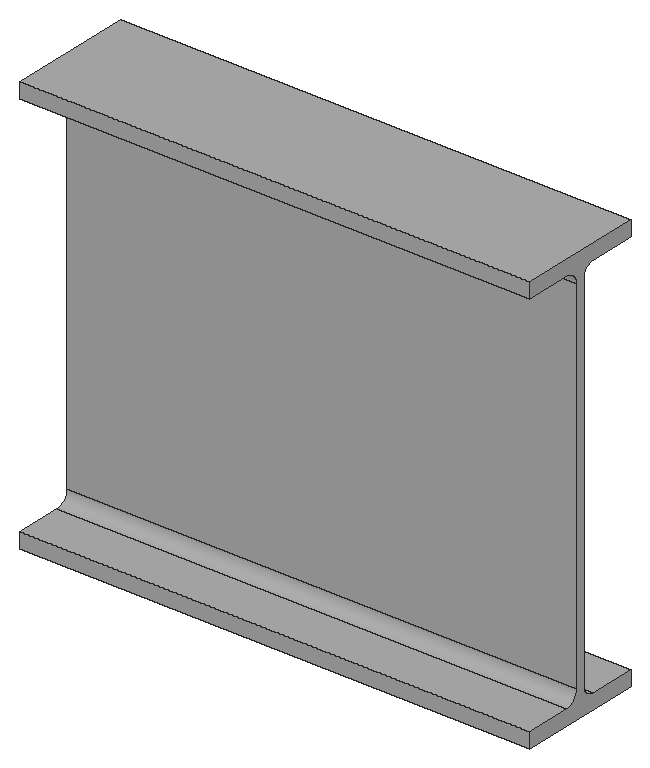
Revit family "Steel Framing Wide Flange", category Structural Framing, Revit 2015
Parameters (values of type "HE1000B")
  W = 3.0793
  Structural Material [instance] = Steel
  Assembly Code = ""
  Angle [instance] = 0.00°
  Length [instance] = 1500 mm
  bf = 300 mm
  d = 1000 mm
  k = 66 mm
  kr = k - tf  # 30 mm
  tf = 36 mm
  tw = 19 mm
  A = 0.04 m²
Types (2, lengths in mm): name | W | Structural Material | d | k | tf | tw | A
  HE1000B | 3.0793 | Steel | 1000 | 66 | 36 | 19 | 0.04 m²
  HE1000A | 2.6701 | none | 990 | 61 | 31 | 16.5 | 0.03468 m²
Reference planes
  plane 1 "Center (Front/Back)": y = 0
  plane 2: z = 0
  plane 3 "Center (Left/Right)": x = 4.61
  plane 4 "Member Left": x = -604.99
  plane 5 "Member Right": x = 614.21
  plane 6: y = 150
  plane 7: y = -150
  plane 8 "Top": z = 500
  plane 9: z = -500
  plane 10 "Right": x = 766.61
  plane 11 "Left": x = -733.39
Forms (mm)
  Sweep 1, solid, material "Steel" <- "Structural Material", detail levels fine
    path origin (0, 0, 0) x (1, 0, 0) y (0, 1, 0)
      loop
        line (614.21, 0) -> (-604.99, 0)
    profile "M_HP-Bearing Pile-Profile-Fine : M_HP-Bearing Pile-Profile-Fine" origin (4.61, 0, 0) x (0, -1, 0) y (0, 0, 1)
      loop
        line (-150, -500) -> (150, -500) -> (150, -464) -> (39.5, -464)
        arc (39.5, -464) -> (18.287, -455.213) -> (9.5, -434) r 30
        line (9.5, -434) -> (9.5, 434)
        arc (9.5, 434) -> (18.287, 455.213) -> (39.5, 464) r 30
        line (39.5, 464) -> (150, 464) -> (150, 500) -> (-150, 500) -> (-150, 464) -> (-39.5, 464)
        arc (-39.5, 464) -> (-18.287, 455.213) -> (-9.5, 434) r 30
        line (-9.5, 434) -> (-9.5, -434)
        arc (-9.5, -434) -> (-18.287, -455.213) -> (-39.5, -464) r 30
        line (-39.5, -464) -> (-150, -464) -> (-150, -500)
  Sweep 2, solid, material "Steel" <- "Structural Material", detail levels medium
    path origin (0, 0, 0) x (1, 0, 0) y (0, 1, 0)
      loop
        line (614.21, 0) -> (-604.99, 0)
    profile "M_HP-Bearing Pile-Profile-Medium : M_HP-Bearing Pile-Profile-Medium" origin (4.61, 0, 0) x (0, -1, 0) y (0, 0, 1)
      loop
        line (-150, -500) -> (150, -500) -> (150, -464) -> (9.5, -464) -> (9.5, 464) -> (150, 464) -> (150, 500) -> (-150, 500) -> (-150, 464) -> (-9.5, 464) -> (-9.5, -464) -> (-150, -464) -> (-150, -500)
Lines and regions (mm)
  symbolic lines, style "Hidden Faces", detail levels medium+fine
    curve 1: line (614.21, -6.5, 0) -> (-604.99, -6.5, 0)
    curve 2: line (614.21, 6.5, 0) -> (-604.99, 6.5, 0)
  reference lines
    curve 3: line (4.61, 0, 0) -> (4.61, 0, 15)
  symbolic lines, style "Stick Symbols", detail levels coarse
    curve 4: line (4.61, 150, 500) -> (4.61, -150, 500)
    curve 5: line (4.61, -150, -500) -> (4.61, 150, -500)
    curve 6: line (4.61, 0, -500) -> (4.61, 0, 500)
Dimensions and locks
  "bf": plane 6 to plane 7
  "d": plane 9 to plane 8 "Top"
  equal spacing: plane 9, plane 2, plane 8 "Top"
  equal spacing: plane 6, plane 1 "Center (Front/Back)", plane 7
  "Length": plane 11 "Left" to plane 10 "Right"
  "Angle": angle plane 1 "Center (Front/Back)" to curve 3
  aligned and locked: Sweep 1 sketch curve to plane 1 "Center (Front/Back)"
  aligned and locked: Sweep 2 sketch curve to plane 1 "Center (Front/Back)"
  aligned and locked: Sweep 2 to curve 4  (x2)
  aligned and locked: Sweep 2 to curve 5  (x2)
  aligned and locked: curve 6 to curve 3
  aligned and locked: curve 4 to Sweep 2
  aligned and locked: curve 5 to Sweep 2
  aligned and locked: plane 1 "Center (Front/Back)" to curve 3
  aligned and locked: plane 4 "Member Left" to Sweep 1 sketch curve
  aligned and locked: plane 5 "Member Right" to Sweep 1 sketch curve
  aligned and locked: plane 4 "Member Left" to Sweep 2 sketch curve
  aligned and locked: plane 5 "Member Right" to Sweep 2 sketch curve
  aligned and locked: plane 4 "Member Left" to curve 1
  aligned and locked: plane 5 "Member Right" to curve 1
  aligned and locked: plane 4 "Member Left" to curve 2
  aligned and locked: plane 5 "Member Right" to curve 2
Automatic sketch dimensions
  plane 1 "Center (Front/Back)" to curve 1 = 6.5 mm
  curve 2 to plane 1 "Center (Front/Back)" = 6.5 mm
  curve 3 to level = 0 mm
Types in the file's own list only (70): name | W | bf | d | k | kr | tf | tw | A
  HE100A | 0.16348 | 100 mm | 96 mm | 20 mm | 12 mm | 8 mm | 5 mm | 0.00 m²
  HE120A | 0.195043 | 120 mm | 114 mm | 20 mm | 12 mm | 8 mm | 5 mm | 0.00 m²
  HE140A | 0.241848 | 140 mm | 133 mm | 21 mm | 12 mm | 9 mm | 6 mm | 0.00 m²
  HE160A | 0.298471 | 160 mm | 152 mm | 24 mm | 15 mm | 9 mm | 6 mm | 0.00 m²
  HE180A | 0.348356 | 180 mm | 171 mm | 25 mm | 15 mm | 10 mm | 6 mm | 0.00 m²
  HE200A | 0.414405 | 200 mm | 190 mm | 28 mm | 18 mm | 10 mm | 7 mm | 0.01 m²
  HE220A | 0.495313 | 220 mm | 210 mm | 29 mm | 18 mm | 11 mm | 7 mm | 0.01 m²
  HE240A | 0.591497 | 240 mm | 230 mm | 33 mm | 21 mm | 12 mm | 8 mm | 0.01 m²
  HE260A | 0.668356 | 260 mm | 250 mm | 37 mm | 24 mm | 13 mm | 8 mm | 0.01 m²
  HE280A | 0.748763 | 280 mm | 270 mm | 37 mm | 24 mm | 13 mm | 8 mm | 0.01 m²
  HE300A | 0.866264 | 300 mm | 290 mm | 41 mm | 27 mm | 14 mm | 9 mm | 0.01 m²
  HE320A | 0.95741 | 300 mm | 310 mm | 43 mm | 27 mm | 16 mm | 9 mm | 0.01 m²
  HE340A | 1.027502 | 300 mm | 330 mm | 44 mm | 27 mm | 17 mm | 10 mm | 0.01 m²
  HE360A | 1.098982 | 300 mm | 350 mm | 45 mm | 27 mm | 18 mm | 10 mm | 0.01 m²
  HE400A | 1.22385 | 300 mm | 390 mm | 46 mm | 27 mm | 19 mm | 11 mm | 0.02 m²
  HE450A | 1.370499 | 300 mm | 440 mm | 48 mm | 27 mm | 21 mm | 12 mm | 0.02 m²
  HE500A | 1.520688 | 300 mm | 490 mm | 50 mm | 27 mm | 23 mm | 12 mm | 0.02 m²
  HE550A | 1.630159 | 300 mm | 540 mm | 51 mm | 27 mm | 24 mm | 13 mm | 0.02 m²
  HE600A | 1.743318 | 300 mm | 590 mm | 52 mm | 27 mm | 25 mm | 13 mm | 0.02 m²
  HE650A | 1.860184 | 300 mm | 640 mm | 53 mm | 27 mm | 26 mm | 14 mm | 0.02 m²
  HE700A | 2.005215 | 300 mm | 690 mm | 54 mm | 27 mm | 27 mm | 15 mm | 0.03 m²
  HE800A | 2.200347 | 300 mm | 790 mm | 58 mm | 30 mm | 28 mm | 15 mm | 0.03 m²
  HE900A | 2.467481 | 300 mm | 890 mm | 60 mm | 30 mm | 30 mm | 16 mm | 0.03 m²
  HE100B | 0.200154 | 100 mm | 100 mm | 22 mm | 12 mm | 10 mm | 6 mm | 0.00 m²
  HE120B | 0.261739 | 120 mm | 120 mm | 23 mm | 12 mm | 11 mm | 7 mm | 0.00 m²
  HE140B | 0.331073 | 140 mm | 140 mm | 24 mm | 12 mm | 12 mm | 7 mm | 0.00 m²
  HE160B | 0.418057 | 160 mm | 160 mm | 28 mm | 15 mm | 13 mm | 8 mm | 0.01 m²
  HE180B | 0.502689 | 180 mm | 180 mm | 29 mm | 15 mm | 14 mm | 9 mm | 0.01 m²
  HE200B | 0.601246 | 200 mm | 200 mm | 33 mm | 18 mm | 15 mm | 9 mm | 0.01 m²
  HE220B | 0.700587 | 220 mm | 220 mm | 34 mm | 18 mm | 16 mm | 10 mm | 0.01 m²
  HE240B | 0.816011 | 240 mm | 240 mm | 38 mm | 21 mm | 17 mm | 10 mm | 0.01 m²
  HE260B | 0.90839 | 260 mm | 260 mm | 42 mm | 24 mm | 18 mm | 10 mm | 0.01 m²
  HE280B | 1.008516 | 280 mm | 280 mm | 42 mm | 24 mm | 18 mm | 11 mm | 0.01 m²
  HE300B | 1.146986 | 300 mm | 300 mm | 46 mm | 27 mm | 19 mm | 11 mm | 0.01 m²
  HE320B | 1.239364 | 300 mm | 320 mm | 48 mm | 27 mm | 21 mm | 12 mm | 0.02 m²
  HE340B | 1.316445 | 300 mm | 340 mm | 49 mm | 27 mm | 22 mm | 12 mm | 0.02 m²
  HE360B | 1.393329 | 300 mm | 360 mm | 50 mm | 27 mm | 23 mm | 13 mm | 0.02 m²
  HE400B | 1.524248 | 300 mm | 400 mm | 51 mm | 27 mm | 24 mm | 14 mm | 0.02 m²
  HE450B | 1.678212 | 300 mm | 450 mm | 53 mm | 27 mm | 26 mm | 14 mm | 0.02 m²
  HE500B | 1.839924 | 300 mm | 500 mm | 55 mm | 27 mm | 28 mm | 15 mm | 0.02 m²
  HE550B | 1.955348 | 300 mm | 550 mm | 56 mm | 27 mm | 29 mm | 15 mm | 0.03 m²
  HE600B | 2.078519 | 300 mm | 600 mm | 57 mm | 27 mm | 30 mm | 16 mm | 0.03 m²
  HE650B | 2.201691 | 300 mm | 650 mm | 58 mm | 27 mm | 31 mm | 16 mm | 0.03 m²
  HE700B | 2.355655 | 300 mm | 700 mm | 59 mm | 27 mm | 32 mm | 17 mm | 0.03 m²
  HE800B | 2.571206 | 300 mm | 800 mm | 63 mm | 30 mm | 33 mm | 18 mm | 0.03 m²
  HE900B | 2.856089 | 300 mm | 900 mm | 65 mm | 30 mm | 35 mm | 19 mm | 0.04 m²
  HE100M | 0.409823 | 106 mm | 120 mm | 32 mm | 12 mm | 20 mm | 12 mm | 0.01 m²
  HE120M | 0.511209 | 126 mm | 140 mm | 33 mm | 12 mm | 21 mm | 13 mm | 0.01 m²
  HE140M | 0.620138 | 146 mm | 160 mm | 34 mm | 12 mm | 22 mm | 13 mm | 0.01 m²
  HE160M | 0.747124 | 166 mm | 180 mm | 38 mm | 15 mm | 23 mm | 14 mm | 0.01 m²
  HE180M | 0.871835 | 186 mm | 200 mm | 39 mm | 15 mm | 24 mm | 15 mm | 0.01 m²
  HE200M | 1.010634 | 206 mm | 220 mm | 43 mm | 18 mm | 25 mm | 15 mm | 0.01 m²
  HE220M | 1.150428 | 226 mm | 240 mm | 44 mm | 18 mm | 26 mm | 16 mm | 0.01 m²
  HE240M | 1.536457 | 248 mm | 270 mm | 53 mm | 21 mm | 32 mm | 18 mm | 0.02 m²
  HE260M | 1.690872 | 268 mm | 290 mm | 57 mm | 24 mm | 33 mm | 18 mm | 0.02 m²
  HE280M | 1.848838 | 288 mm | 310 mm | 57 mm | 24 mm | 33 mm | 19 mm | 0.02 m²
  HE300M | 2.333159 | 310 mm | 340 mm | 66 mm | 27 mm | 39 mm | 21 mm | 0.03 m²
  HE320M | 2.402217 | 309 mm | 359 mm | 67 mm | 27 mm | 40 mm | 21 mm | 0.03 m²
  HE340M | 2.431314 | 309 mm | 377 mm | 67 mm | 27 mm | 40 mm | 21 mm | 0.03 m²
  HE360M | 2.454251 | 308 mm | 395 mm | 67 mm | 27 mm | 40 mm | 21 mm | 0.03 m²
  HE400M | 2.507913 | 307 mm | 432 mm | 67 mm | 27 mm | 40 mm | 21 mm | 0.03 m²
  HE450M | 2.582277 | 307 mm | 478 mm | 67 mm | 27 mm | 40 mm | 21 mm | 0.03 m²
  HE500M | 2.650483 | 306 mm | 524 mm | 67 mm | 27 mm | 40 mm | 21 mm | 0.03 m²
  HE550M | 2.728083 | 306 mm | 572 mm | 67 mm | 27 mm | 40 mm | 21 mm | 0.04 m²
  HE600M | 2.799514 | 305 mm | 620 mm | 67 mm | 27 mm | 40 mm | 21 mm | 0.04 m²
  HE650M | 2.877114 | 305 mm | 668 mm | 67 mm | 27 mm | 40 mm | 21 mm | 0.04 m²
  HE700M | 2.948556 | 304 mm | 716 mm | 67 mm | 27 mm | 40 mm | 21 mm | 0.04 m²
  HE800M | 3.112131 | 303 mm | 814 mm | 70 mm | 30 mm | 40 mm | 21 mm | 0.04 m²
  HE900M | 3.261162 | 302 mm | 910 mm | 70 mm | 30 mm | 40 mm | 21 mm | 0.04 m²
  HE1000M | 3.419589 | 302 mm | 1008 mm | 70 mm | 30 mm | 40 mm | 21 mm | 0.04 m²
